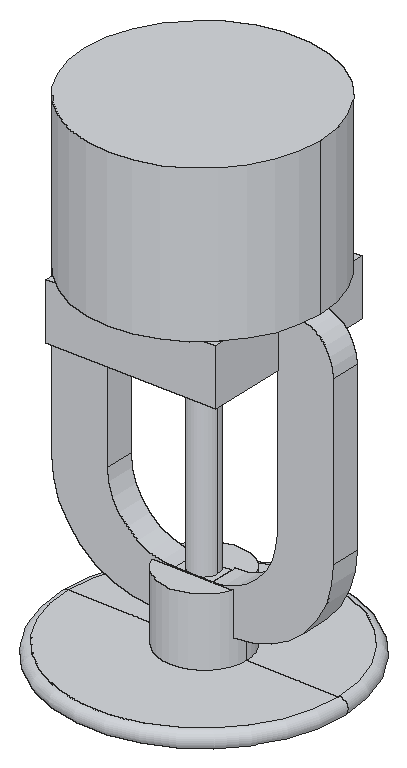
Revit family
Parameters (values of type "RASCO F1 PENDENT")
  Temperature Rating = 286 °F
  Response = (empty or 0)
  RASCO SIN # = "R1712"
  RASCO Part # = "FP3LB"
  Pressure Rating = "175 PSI"
  Pressure Class = (empty or 0)
  Orifice Size = 17/32"
  Orifice = (empty or 0)
  Model = "F1"
  Manufacturer = "RASCO"
  K-Factor = 8
  Description = "Bronze Finish"
  Coverage = (empty or 0)
Reference planes (in)
  plane 1 "Center (Front/Back)": y = 0
  plane 2: z = 0
  plane 3 "Center (Left/Right)": x = 0
Dimensions and locks (in)
  aligned and locked: plane 2 to level
Nested families (in)
  nested 1: "FP3LB" at (-0.01148, 0, 2.4375) x (-1, 0, 0) z (0, 0, -1), type "RASCO F1 PENDENT"
Connectors (in)
  piping at (-0.01148, 0, 2.4375)
    settings: on nested 1, index 1, connector radius 1/2", flow factor 0, pipe flow 0 GPM, pressure drop 0.00 psi, fitting loss kfactor 0, connector angle 0.00°, fixture units 0, flow configuration 0, flow direction 0, fitting loss method 0, system type 7, connector reference index -1, connector utility 0, adjustable connector no, is connector primary yes, fitting loss table "", connector description ""
Definition of nested family "FP3LB"
  Parameters (values of type "RASCO F1 PENDENT")
    Type Comments = ""
    Temperature Rating = 0 °F
    Response = (empty or 0)
    Pressure Rating = "0"
    Pressure Class = (empty or 0)
    Orifice Size = 0"
    Orifice = (empty or 0)
    Model = ""
    Manufacturer = ""
    K-Factor = 0
    Description = ""
    Coverage = (empty or 0)
    Assembly Code = ""
  Reference planes (in)
    plane 1 "Center (Front/Back)": y = 0
    plane 2: z = 0
    plane 3 "ref.2": z = 0.6875
    plane 4 "ref.3": z = 0.9375
    plane 5: x = -0.38065
    plane 6: x = 0.36935
    plane 7 "ref. side 1": y = 0.06402
    plane 8 "ref. side 2": y = -0.06098
    plane 9 "ref.4": z = 1.875
    plane 10 "ref.5": z = 2.3125
    plane 11 "ref.6": z = 2.4375
  Forms (in)
    Extrusion 1, solid
      sketch origin (0, 0, 0) x (1, 0, 0) y (0, 1, 0)
        loop
          circle (0, 0) r 0.5221
      from 0 to 0.6875
    Extrusion 2, solid
      sketch origin (-0.12185, 0.05177, 0.6875) x (1, 0, 0) y (0, 1, 0)
        loop
          line (-0.2588, 0.356) -> (-0.2588, -0.4565) -> (0.4912, -0.4565) -> (0.4912, 0.356) -> (-0.2588, 0.356)
      from 0 to 0.25
    Extrusion 3, solid
      sketch origin (0, 0, 0) x (1, 0, 0) y (0, 0, 1)
        loop
          line (-0.38065, 0.69674) -> (-0.38065, 1.58397)
          arc (-0.38065, 1.58397) -> (-0.29541, 1.78976) -> (-0.08962, 1.875) r 0.29103
          line (-0.08962, 1.875) -> (0.07524, 1.875)
          arc (0.07524, 1.875) -> (0.28321, 1.78886) -> (0.36935, 1.58089) r 0.29411
          line (0.36935, 1.58089) -> (0.36935, 0.69728)
          arc (0.36935, 0.69728) -> (0.54046, 0.72329) -> (0.61935, 0.87734) r 0.18984
          line (0.61935, 0.87734) -> (0.61935, 1.61676)
          arc (0.61935, 1.61676) -> (0.48879, 1.93194) -> (0.17361, 2.0625) r 0.44574
          line (0.17361, 2.0625) -> (-0.18509, 2.0625)
          arc (-0.18509, 2.0625) -> (-0.50015, 1.932) -> (-0.63065, 1.61694) r 0.44556
          line (-0.63065, 1.61694) -> (-0.63065, 0.87876)
          arc (-0.63065, 0.87876) -> (-0.55196, 0.72414) -> (-0.38065, 0.69674) r 0.19126
      from -0.06402 to 0.06098
    Extrusion 4, solid
      sketch origin (0, 0, 0.9375) x (-1, 0, 0) y (0, -1, 0)
        loop
          circle (0.00574, -0.00152) r 0.0625
      from 0 to 0.9375
    Extrusion 5, solid
      sketch origin (0, 0, 1.875) x (-1, 0, 0) y (0, -1, 0)
        loop
          circle (0.00574, -0.00152) r 0.1875
      from 0 to 0.4375
    Revolve 6, solid
      sketch origin (0, 0, -0.2777) x (1, 0, 0) y (0, 0, 1)
        loop
          line (-0.19324, 2.45222) -> (-0.19324, 2.52696) -> (-0.60489, 2.52696)
          arc (-0.60489, 2.52696) -> (-0.64227, 2.48959) -> (-0.60489, 2.45222) r 0.03737
          line (-0.60489, 2.45222) -> (-0.19324, 2.45222)
        axis (-0.00574, 2.45222) -> (-0.00574, 2.52696)
      angle from 0 to 360
  Cuts and joins
    joined: Extrusion 1, Extrusion 2, Extrusion 4, Revolve 6
  Lines and regions (in)
    model lines
      curve 1: line (-0.00574, 0.06402, 1.875) -> (-0.00574, -0.06098, 1.875)
  Dimensions and locks (in)
    Extrusion 3 to Extrusion 3 = 0' - 1 1/4"
    Extrusion 5 to cut or joined group of Extrusion 1, Extrusion 2, Extrusion 4, Revolve 6 = 0' - 2 5/16"
